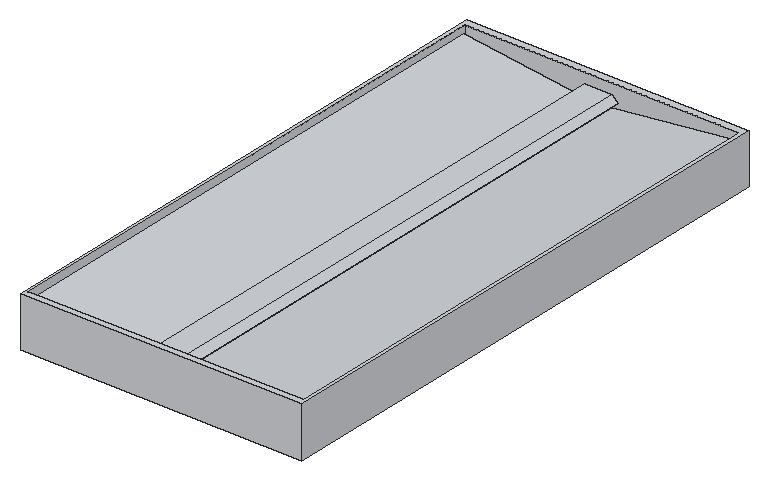
Revit family "LSER24", category Lighting Fixtures, host Face, Revit 2012
Parameters (values of type "LSER24-30HLG-R-ESD")
  Wattage Comments = "61.6"
  Wattage = 9.2903 W
  WIDTH = 2' - 0"
  built-in parameter 1150110 = 1 (stored number, unit not read)
  Voltage = 0 V
  built-in parameter 1114217 = 1 (stored number, unit not read)
  Tilt Angle = 90.00°
  built-in parameter 1150109 = 1 (stored number, unit not read)
  built-in parameter 1150134 = 3
  built-in parameter 1150113 = 1 (stored number, unit not read)
  Product Page URL = "http://www.columbialighting.com/products/lser/"
  Product Documentation Link = "http://www.columbialighting.com/products/lser/"
  Power Factor = 1
  Photometric Web File = "itl78388.ies"
  Number of Poles = 1
  Model = "LSER22"
  Manufacturer = "COLUMBIA"
  built-in parameter 1150105 = 109.82 (stored number, unit not read)
  Lumens = 1380 lm
  built-in parameter 1150115 = 1 (stored number, unit not read)
  built-in parameter 1150137 = (empty or 0)
  built-in parameter 1150139 = (empty or 0)
  built-in parameter 1150112 = 1 (stored number, unit not read)
  built-in parameter 1150114 = 1 (stored number, unit not read)
  Lamp = ""
  LEGNTH = 4' - 6"
  built-in parameter 1150132 = (empty or 0)
  built-in parameter 1150102 = (empty or 0)
  built-in parameter 1150107 = 3200 (stored number, unit not read)
  built-in parameter 1150138 = (empty or 0)
  built-in parameter 1150106 = 1.0982 (stored number, unit not read)
  IES FILE LINK = "http://www.columbialighting.com/resources/photometry_search/"
  built-in parameter 1150104 = 13.8 (stored number, unit not read)
  Dimming Lamp Color Temperature Shift = <None>
  Default Elevation = 4' - 0"
  Color Filter = 16777215
  built-in parameter 1114218 = 1 (stored number, unit not read)
  built-in parameter 1150133 = 10 (stored number, unit not read)
  Apparent Load = 0 VA
Types (25): name | Wattage Comments | Photometric Web File
  (no name) | "61.6" | "itl78388.ies"
  LSER24-40VLG-R-ESD | 0' - 0" | "itl78386.ies"
  LSER24-40VLG-C-ESD | 0' - 0" | "itl78384.ies"
  LSER24-40MLG-R-ESD | 0' - 0" | "itl78378.ies"
  LSER24-40MLG-C-ESD | 0' - 0" | "itl78375.ies"
  LSER24-40LWG-R-ESD | 0' - 0" | "itl78462.ies"
  LSER24-40LWG-C-ESD | 0' - 0" | "itl78459.ies"
  LSER24-40HLG-R-ESD | 0' - 0" | "itl78382.ies"
  LSER24-40HLG-C-ESD | 0' - 0" | "itl78380.ies"
  LSER24-35VLG-R-ESD | 0' - 0" | "itl78385.ies"
  LSER24-35VLG-C-ESD | 0' - 0" | "itl78383.ies"
  LSER24-35MLG-R-ESD | 0' - 0" | "itl78377.ies"
  LSER24-35MLG-C-ESD | 0' - 0" | "itl78374.ies"
  LSER24-35LWG-R-ESD | 0' - 0" | "itl78461.ies"
  LSER24-35LWG-C-ESD | 0' - 0" | "itl78458.ies"
  LSER24-35HLG-R-ESD | 0' - 0" | "itl78381.ies"
  LSER24-35HLG-C-ESD | 0' - 0" | "itl78379.ies"
  LSER24-30VLG-R-ESD | 0' - 0" | "itl78390.ies"
  LSER24-30VLG-C-ESD | 0' - 0" | "itl78389.ies"
  LSER24-30MLG-R-ESD | 0' - 0" | "itl78376.ies"
  LSER24-30MLG-C-ESD | 0' - 0" | "itl78373.ies"
  LSER24-30LWG-R-ESD | 0' - 0" | "itl78460.ies"
  LSER24-30LWG-C-ESD | 0' - 0" | "itl78457.ies"
  LSER24-30HLG-R-ESD | "61.6" | "itl78388.ies"
  LSER24-30HLG-C-ESD | "61.6" | "itl78387.ies"
Reference planes (in)
  plane 1 "Center (Front/Back)": y = 0
  plane 2: z = 0
  plane 3 "Center (Left/Right)": x = 0
  plane 4: x = -11.75
  plane 5: y = 23.75
  plane 6: x = 12
  plane 7: y = 0
  plane 8: y = -11.75
  plane 9: x = 11.75
  plane 10: y = -23.75
Forms (in)
  Extrusion 1, solid
    sketch origin (0, 0, 0) x (1, 0, 0) y (0, 1, 0)
      loop
        line (-12, 23.75) -> (-12, -23.75) -> (12, -23.75) -> (12, 23.75) -> (-12, 23.75)
    from 0 to -4.3125
  Extrusion 2, void
    sketch origin (0, 0, 0) x (1, 0, 0) y (0, 1, 0)
      loop
        line (-11.75, 23.21071) -> (-11.75, -23.25) -> (11.75, -23.25) -> (11.75, 23.21071) -> (-11.75, 23.21071)
    from 0 to -4.3125
  Extrusion 3, solid
    sketch origin (0, 0, 0) x (1, 0, 0) y (0, 0, 1)
      loop
        line (-11.41519, -0.40894) -> (-11.16836, -2.4192) -> (11.33164, -2.4192) -> (11.33164, -0.4192) -> (1.15804, -1.66836) -> (1.68837, -1.13803) -> (1.15804, -0.6077) -> (-1.15804, -0.6077) -> (-1.68837, -1.13803) -> (-1.15804, -1.66836) -> (-11.41519, -0.40894)
    from 22.73152 to -22.75433
Cuts and joins
  Extrusion 2 cuts Extrusion 1
Lines and regions (in)
  reference lines
    curve 1: line (-11.33164, 0, -0.4192) -> (-1.15804, 0, -1.66836)
    curve 2: line (-1.15804, 0, -1.66836) -> (-1.68837, 0, -1.13803)
    curve 3: line (-1.68837, 0, -1.13803) -> (-1.15804, 0, -0.6077)
    curve 4: line (-1.15804, 0, -0.6077) -> (0, 0, -0.6077)
    curve 5: line (11.33164, 0, -0.4192) -> (1.15804, 0, -1.66836)
    curve 6: line (1.15804, 0, -1.66836) -> (1.68837, 0, -1.13803)
    curve 7: line (1.68837, 0, -1.13803) -> (1.15804, 0, -0.6077)
    curve 8: line (1.15804, 0, -0.6077) -> (0, 0, -0.6077)
Dimensions and locks (in)
  aligned and locked: plane 2 to host face
  aligned and locked: level to host face
Connectors (in)
  electrical at (0, 0, 0), driven by "Number of Poles", driven by "Voltage", driven by "Apparent Load", driven by "Power Factor"
    settings: on host face, index 1, voltage 0 V, apparent load 0 VA, apparent load phase1 0 VA, apparent load phase2 0 VA, apparent load phase3 0 VA, power factor 1, load classification "Other", number of poles 1, system type 31, power factor state 1, is connector primary yes, connector utility yes, sub classification motor no, connector description "Power"
